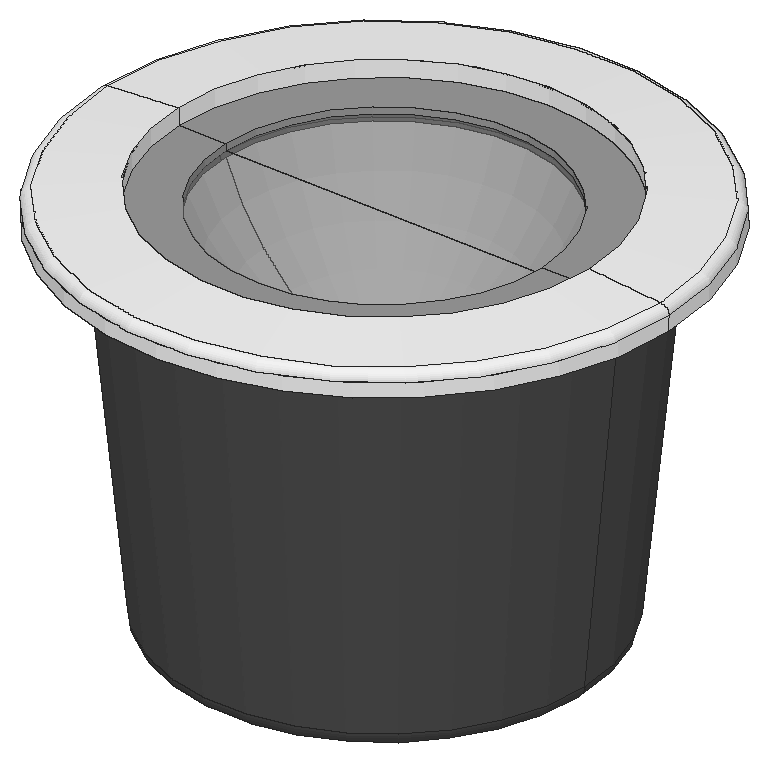
Revit family "3097110 Lighting Fixture_Sylvania_Insaver LED 75 - Round - White Bezel_Ceiling Recessed", category Lighting Fixtures, host Face, Revit 2017
Family settings
  Host = Face
  Round Connector Dimension = Use Diameter
  Part Type = Normal
  OmniClass Number = 23.80.70.11.17
  OmniClass Title = Specialized Lighting by Location or Use
  Cut with Voids When Loaded = No
  Light Source = Yes
  Shared = No
  Room Calculation Point = No
Parameters (values of type "Insaver 75 LED RS 16W WW EB WH")
  Weight = 0.4 kg  # constant formula
  Wattage = 16 W
  built-in parameter 1150110 = 1 (stored number, unit not read)
  Voltage Comments = "UNV (Universal Voltage; 230/240 Volt)"  # constant formula
  Voltage = 230 V  # constant formula
  URL = "http://www.sylvania-lighting.com"
  Transformator Marerial = Metallic Paint_Sylvania_Insaver LED 75_Black_RAL 9005
  built-in parameter 1114217 = 1 (stored number, unit not read)
  Tilt Angle = -90°
  built-in parameter 1150109 = 1 (stored number, unit not read)
  built-in parameter 1150134 = 12
  T Class Min = -1 °C
  T Class Max = -1 °C
  built-in parameter 1150113 = 1 (stored number, unit not read)
  Radius = 45.0 mm  # constant formula
  Product Page URL = "http://www.sylvania-lighting.com/product/en-int/products/3097110"
  Product Family = "Insaver LED 75 - Round - White Bezel"  # constant formula
  Photometry Comments = ""
  Photometric Web File = "3097176_InsaverLED7513WWWSTD-98563.ies"
  Life = "50 000 h"  # constant formula
  IP Rating = "IP65"  # constant formula
  Emit from Circle Diameter = Diameter - 40.0 mm  # 50.0 mm
  Electrical Protection = "Class II"  # constant formula
  Drive Current = "350 mA"  # constant formula
  Diameter = Radius * 2  # 90.0 mm
  Cutout Diameter = 75.0 mm  # constant formula
  CRI ( Ra ) = 85  # constant formula
  Beam Angle = 55°  # constant formula
  Accesory Material = Metallic Paint_Sylvania_Insaver LED 75_White_RAL 9016
  Height = 65.0 mm  # constant formula
  built-in parameter 1114216 [instance] = 1 (stored number, unit not read)
  Model = "Insaver 75 LED RS 16W WW EB WH"
  Manufacturer = "Feilo Sylvania"
  built-in parameter 1150105 = 56.023 (stored number, unit not read)
  Lumens = 704 lm
  built-in parameter 1150115 = 1 (stored number, unit not read)
  built-in parameter 1150137 = (empty or 0)
  built-in parameter 1150139 = (empty or 0)
  built-in parameter 1150112 = 1 (stored number, unit not read)
  built-in parameter 1150114 = 1 (stored number, unit not read)
  Lamp Comments = "Integrated LED"  # constant formula
  Lamp = "16W High Brightnes LED array"
  built-in parameter 1150132 = 2
  built-in parameter 1150102 = (empty or 0)
  built-in parameter 1150107 = 4000 (stored number, unit not read)
  built-in parameter 1150138 = (empty or 0)
  built-in parameter 1150106 = 0.56023 (stored number, unit not read)
  Reflector Material = Aluminium_Sylvania_Insaver LED 75_Silver
  Emit Shape Visible in Rendering = no
  built-in parameter 1150104 = 4.0877 (stored number, unit not read)
  Dimming Lamp Color Temperature Shift = <None>
  Description = "Innovative square or round design using array chip technology High colour\r\nrendering index CRI Thermal management ensures service life up to 50.000\r\nhrs Low power consumption - 16W"  # constant formula
  Default Elevation = 0.0 mm
  Color Filter = 16777215
  Catalog Number = "3097176 Insaver 75 LED RS 16W WW EB WH"
  built-in parameter 1140040 [instance] = (empty or 0)
  built-in parameter 1114218 = 1 (stored number, unit not read)
  built-in parameter 1150133 = 10 (stored number, unit not read)
  Assembly Code = "D5020200"
  Apparent Load Comments = ""
  Apparent Load = 16 VA
Types (3, lengths in mm): name | Wattage | built-in parameter 1150134 | Photometric Web File | Model | built-in parameter 1150105 | Lumens | built-in parameter 1150107 | built-in parameter 1150106 | Catalog Number
  Insaver 75 LED RS 16W WW EB WH | 16 W | 12 | "3097176_InsaverLED7513WWWSTD-98563.ies" | "Insaver 75 LED RS 16W WW EB WH" | 56.023 (stored number, unit not read) | 704 lm | 4000 (stored number, unit not read) | 0.56023 (stored number, unit not read) | "3097176 Insaver 75 LED RS 16W WW EB WH"
  Insaver 75 LED RD HO 16W NW EB WH | 25.2273 W | 12 | "3097177_Insaver75LEDRDHO16WNWEBWH-98583.ies" | "Insaver 75 LED RD HO 16W NW EB WH" | 88.331 (stored number, unit not read) | 1110 lm | 4000 (stored number, unit not read) | 0.88331 (stored number, unit not read) | "3097177 Insaver 75 LED RD HO 16W NW EB WH"
  Insaver 75 LED RD HO 16W WW DB WH | 24.0909 W | (empty or 0) | "3097110_Insaver75LEDRDHO16WWWDBWH-98572.ies" | "Insaver 75 LED RD HO 16W WW DB WH" | 84.352 (stored number, unit not read) | 1060 lm | 3000 (stored number, unit not read) | 0.84352 (stored number, unit not read) | "3097110 Insaver 75 LED RD HO 16W WW DB WH"
Reference planes
  plane 1 "Center (Front/Back)": y = 0
  plane 2: z = 0
  plane 3 "Center (Left/Right)": x = 0
  plane 4: z = 0
  plane 5 "Fixture Bottom": z = 4.5
  plane 6 "Fixture Top": z = -65
  plane 7: z = 2
Forms (mm)
  Extrusion 1, void
    sketch origin (0, 0, 59) x (-1, 0, 0) y (0, -1, 0)
      loop
        circle (0, 0) r 37.5
    from -309 to 86
  Revolve 2, solid, material "Metallic Paint_Sylvania_Insaver LED 75_Black_RAL 9005" <- "Transformator Marerial", detail levels fine
    sketch origin (0, 0, 0) x (1, 0, 0) y (0, 0, 1)
      loop
        arc (26.104, 0) -> (19.919, -11.419) -> (10.298, -20.14) r 38.6
        line (10.298, -20.14) -> (0, -20.14) -> (0, -65)
        arc (0, -65) -> (15.667, -62.963) -> (30.31, -57.032) r 62
        arc (30.31, -57.032) -> (31.261, -56.188) -> (31.777, -55.026) r 3
        arc (31.777, -55.026) -> (35.691, -29.638) -> (37, -3.983) r 252
        line (37, -3.983) -> (37, 0) -> (26.104, 0)
      axis (0, -65) -> (0, 0)
    angle from 0 to 360
  Revolve 3, solid, material "Metallic Paint_Sylvania_Insaver LED 75_White_RAL 9016" <- "Accesory Material", detail levels fine
    sketch origin (0, 0, 27.453) x (1, 0, 0) y (0, 0, 1)
      loop
        line (45, -27.453) -> (45, -25.318)
        arc (45, -25.318) -> (44.613, -24.317) -> (43.654, -23.837) r 1.488
        line (43.654, -23.837) -> (32.5, -22.953) -> (32.5, -27.453) -> (45, -27.453)
      axis (0, -27.453) -> (0, -22.953)
    angle from 0 to 360
  Revolve 4, solid, material "Aluminium_Sylvania_Insaver LED 75_Silver" <- "Reflector Material", detail levels fine
    sketch origin (0, 0, 42.453) x (1, 0, 0) y (0, 0, 1)
      loop
        line (32.5, -42.453) -> (32.5, -40.453) -> (25, -40.453) -> (25, -41.453) -> (0, -41.453) -> (0, -42.453) -> (25.043, -42.453)
        arc (25.043, -42.453) -> (19.112, -53.273) -> (10, -61.593) r 37.622
        line (10, -61.593) -> (0, -61.593) -> (0, -62.593) -> (10.298, -62.593)
        arc (10.298, -62.593) -> (19.918, -53.871) -> (26.104, -42.453) r 38.624
        line (26.104, -42.453) -> (32.5, -42.453)
      axis (0, -62.593) -> (0, -40.453)
    angle from 0 to 360
  Revolve 5, solid, material "Metallic Paint_Sylvania_Insaver LED 75_White_RAL 9016" <- "Accesory Material", detail levels coarse+medium
    sketch origin (0, 0, 60) x (1, 0, 0) y (0, 0, 1)
      loop
        line (0, -55.5) -> (0, -125)
        arc (0, -125) -> (15.667, -122.963) -> (30.31, -117.032) r 62
        arc (30.31, -117.032) -> (31.261, -116.188) -> (31.777, -115.026) r 3
        arc (31.777, -115.026) -> (35.691, -89.638) -> (37, -63.983) r 252
        line (37, -63.983) -> (37, -60) -> (45, -60) -> (45, -55.5) -> (0, -55.5)
      axis (0, -125) -> (0, -55.5)
    angle from 0 to 360
Dimensions and locks
  "Height": host face to plane 6 "Fixture Top"
  "Radius": Revolve 3 sketch curve to imposter light
  locked: plane 5 "Fixture Bottom" to level at 4.5
  locked: plane 5 "Fixture Bottom" to plane 7 at 2.5
  locked: Revolve 3 sketch curve to Revolve 3 sketch curve at 12.5
  locked: Revolve 4 sketch curve to host face at 1
  "Radius": Revolve 5 sketch curve to Revolve 5 sketch curve
  locked: Revolve 5 sketch curve to Revolve 5 sketch curve at 37
  locked: Revolve 2 sketch curve to Revolve 2 sketch curve at 37
  "Cutout Diameter": diameter of Extrusion 1 sketch curve
  aligned and locked: plane 2 to host face
  aligned and locked: level to host face
  aligned and locked: plane 1 "Center (Front/Back)" to imposter light
  aligned and locked: level to Revolve 3 sketch curve
  aligned and locked: imposter light to Revolve 3 sketch curve
  aligned and locked: Revolve 2 sketch curve to level
  aligned and locked: level to Revolve 4 sketch curve  (x2)
  aligned and locked: plane 7 to Revolve 4 sketch curve
  aligned and locked: plane 6 "Fixture Top" to Revolve 5 sketch curve
  aligned and locked: plane 5 "Fixture Bottom" to Revolve 5 sketch curve
  aligned and locked: Revolve 5 sketch curve to Revolve 5 sketch curve
  aligned and locked: plane 6 "Fixture Top" to Revolve 2 sketch curve
  aligned and locked: plane 5 "Fixture Bottom" to imposter light
Automatic sketch dimensions
  host sketch curve to host sketch curve = 1305.563 mm
  host sketch curve to host sketch curve = 1283.632 mm
  Revolve 4 sketch curve to Revolve 4 sketch curve = 0.0 mm  (x2)
  Revolve 4 sketch curve to plane 3 "Center (Left/Right)" = 0.0 mm  (x3)
  Revolve 4 sketch curve to level = 20.14 mm
  Revolve 4 sketch curve to Revolve 4 sketch curve = 10.0 mm
  Revolve 4 sketch curve to Revolve 4 sketch curve = 0.298 mm
  plane 3 "Center (Left/Right)" to Revolve 4 sketch curve = 25.0 mm
  Revolve 4 sketch curve to Revolve 4 sketch curve = 0.043 mm
  Revolve 4 sketch curve to Revolve 4 sketch curve = 1.06 mm
  Revolve 4 sketch curve to Revolve 4 sketch curve = 6.396 mm
  plane 5 "Fixture Bottom" to Revolve 4 sketch curve = 7.927 mm
  Revolve 4 sketch curve to plane 6 "Fixture Top" = 195.546 mm
  Revolve 4 sketch curve to Revolve 4 sketch curve = 337.219 mm
  Revolve 2 sketch curve to plane 3 "Center (Left/Right)" = 0.0 mm  (x2)
  Revolve 2 sketch curve to level = 20.14 mm
  plane 3 "Center (Left/Right)" to Revolve 2 sketch curve = 10.298 mm
  Revolve 2 sketch curve to Revolve 2 sketch curve = 10.896 mm
  plane 5 "Fixture Bottom" to Revolve 2 sketch curve = 7.911 mm
  Revolve 2 sketch curve to plane 6 "Fixture Top" = 237.999 mm
  Revolve 2 sketch curve to Revolve 2 sketch curve = 294.19 mm
  Revolve 2 sketch curve to level = 3.983 mm
  Revolve 2 sketch curve to plane 3 "Center (Left/Right)" = 0.096 mm
  plane 6 "Fixture Top" to Revolve 2 sketch curve = 10.582 mm
  plane 3 "Center (Left/Right)" to Revolve 2 sketch curve = 28.839 mm
  Revolve 2 sketch curve to Revolve 2 sketch curve = 1.471 mm
  Revolve 2 sketch curve to Revolve 2 sketch curve = 0.0 mm  (x2)
  plane 1 "Center (Front/Back)" to Extrusion 1 sketch curve = 0.0 mm
  Extrusion 1 sketch curve to plane 3 "Center (Left/Right)" = 0.0 mm
  Revolve 3 sketch curve to plane 3 "Center (Left/Right)" = 0.0 mm
  plane 7 to Revolve 3 sketch curve = 0.135 mm
  Revolve 3 sketch curve to Revolve 3 sketch curve = 1.488 mm
  Revolve 3 sketch curve to plane 5 "Fixture Bottom" = 0.884 mm
  Revolve 3 sketch curve to plane 6 "Fixture Top" = 210.546 mm
  plane 5 "Fixture Bottom" to Revolve 3 sketch curve = 329.554 mm
  Revolve 5 sketch curve to plane 3 "Center (Left/Right)" = 0.0 mm
  Revolve 5 sketch curve to level = 0.0 mm
  Revolve 5 sketch curve to plane 3 "Center (Left/Right)" = 0.096 mm
  Revolve 5 sketch curve to level = 3.983 mm
  Revolve 5 sketch curve to Revolve 5 sketch curve = 214.904 mm
  plane 6 "Fixture Top" to Revolve 5 sketch curve = 10.582 mm
  plane 3 "Center (Left/Right)" to Revolve 5 sketch curve = 28.839 mm
  Revolve 5 sketch curve to level = 3.0 mm
  Revolve 5 sketch curve to Revolve 5 sketch curve = 0.0 mm
  Revolve 5 sketch curve to plane 6 "Fixture Top" = 177.999 mm
  Revolve 5 sketch curve to Revolve 5 sketch curve = 362.101 mm
Connectors
  electrical at (0, 0, -65), driven by "Voltage", driven by "Apparent Load"
    settings: index 1, voltage 230 V, apparent load 0 VA, apparent load phase1 16 VA, apparent load phase2 0 VA, apparent load phase3 0 VA, power factor 1, load classification "Lighting", number of poles 1, system type 31, power factor state 1, is connector primary yes, connector utility no, sub classification motor no, connector description ""
